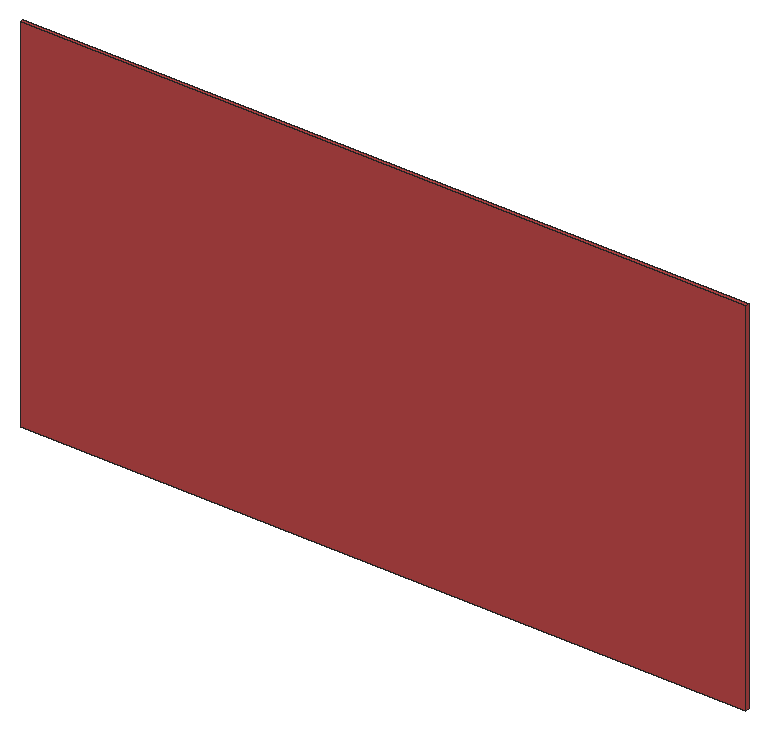
Revit family
Parameters (values of type "pannello_lamiera 2")
  larghezza [instance] = 1000 mm
  altezza [instance] = 500 mm
  Materiale = Lamiera_scatola
  Assembly Code = ""
Types (2, lengths in mm): name | Materiale
  pannello_lamiera 2 | Lamiera_scatola
  pannello_lamiera | none
Reference planes
  plane 1 "Centro (Fronte/Retro)": y = 0
  plane 2: z = 3500
  plane 3 "Centro (Sinistra/Destra)": x = -1000
  plane 4 "Sinistra": x = -1500
  plane 5 "Destra": x = -500
  plane 6 "SUP": z = 4000
Forms (mm)
  Extrusion 1, solid, material "Lamiera_scatola"
    sketch origin (0, 0, 0) x (1, 0, 0) y (0, 0, 1)
      loop
        line (-500, 4000) -> (-1500, 4000) -> (-1500, 3500) -> (-500, 3500) -> (-500, 4000)
    from 0 to 5
Text (mm)
  text "Esterno" at (-2351.972, 1416.179, 0), in view "Livello rif."
  text "Esterno" at (0, 2290.741, 4406.713), in view "Sinistra"
  text "Esterno" at (0, 1328.187, 4120.349), in view "Destra"
Dimensions and locks
  equal spacing: plane 4 "Sinistra", plane 3 "Centro (Sinistra/Destra)", plane 5 "Destra"
  "larghezza": plane 4 "Sinistra" to plane 5 "Destra"
  "altezza": plane 2 to plane 6 "SUP"
  aligned and locked: Extrusion 1 to plane 6 "SUP"
  aligned and locked: plane 4 "Sinistra" to Extrusion 1
  aligned and locked: Extrusion 1 to plane 2
Automatic sketch dimensions
  Extrusion 1 sketch curve to plane 6 "SUP" = 0 mm
  plane 4 "Sinistra" to Extrusion 1 sketch curve = 0 mm
  Extrusion 1 sketch curve to plane 5 "Destra" = 0 mm
  Extrusion 1 sketch curve to plane 2 = 0 mm
